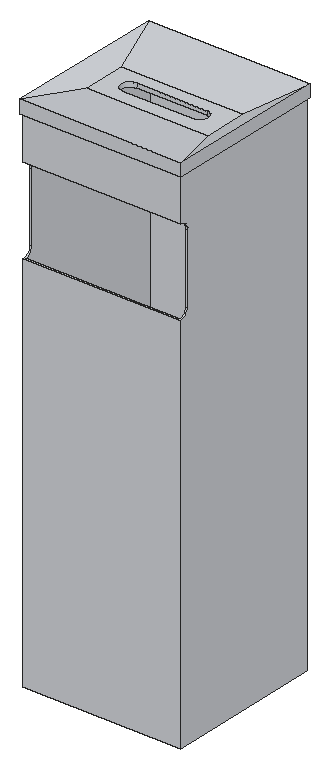
Revit family "Урна УТ180Н", category Антураж, Revit 2017
Family settings
  На основе рабочей плоскости = Нет
  Всегда вертикально = Да
  При загрузке вырезать с полостями = Нет
  Источник визуального образа = Геометрия семейства
  Общий = Нет
  Точка расчета площади = Нет
Parameters (values of type "УТ180Н")
  Стоимость = 1360
  Изготовитель = "ООО «Хоббика»"
  Высота = 0 mm
  URL = "https://hobbyka.ru/product/urna_ut180n/?sphrase_id=81815"
  ADSK_Размер_Ширина = 185 mm
  ADSK_Размер_Длина = ADSK_Размер_Ширина  # 185 mm
  ADSK_Размер_Высота = 605 mm
  ADSK_Объем = 19.00 m³
  ADSK_Наименование = "Урна УТ180Н"
  ADSK_Материал урны = none
  ADSK_Масса = 2.40 kg
  ADSK_Код изделия = "9354"
Reference planes
  plane 1 "По центру (Вперед/Назад)": y = 0
  plane 2: z = 0
  plane 3 "По центру (Влево/Вправо)": x = 0
  plane 4: z = 605
Forms (mm)
  Extrusion 1, solid, material <- "ADSK_Материал урны"
    sketch origin (0, 0, 0) x (1, 0, 0) y (0, 1, 0)
      loop
        line (-90.5, 90.5) -> (-90.5, -90.5) -> (90.5, -90.5) -> (90.5, 90.5) -> (-90.5, 90.5)
      loop
        line (-88.5, 88.5) -> (-88.5, -88.5) -> (88.5, -88.5) -> (88.5, 88.5) -> (-88.5, 88.5)
    from 0 to 590
  Extrusion 2, void
    sketch origin (0, 0, 0) x (0, 1, 0) y (0, 0, 1)
      loop
        arc (-80.5, 530) -> (-83.429, 537.071) -> (-90.5, 540) r 10
        line (-90.5, 540) -> (-90.5, 440)
        arc (-90.5, 440) -> (-83.429, 442.929) -> (-80.5, 450) r 10
        line (-80.5, 450) -> (-80.5, 530)
    from -90.5 to 90.5
  Extrusion 3, solid, material <- "ADSK_Материал урны"
    sketch origin (0, 0, 0) x (1, 0, 0) y (0, 1, 0)
      loop
        line (-92.5, 92.562) -> (-92.5, -92.5) -> (92.562, -92.5) -> (92.562, 92.562) -> (-92.5, 92.562)
    from 590 to 605
  Blend 4, void
    base sketch origin (0, 0, 0) x (1, 0, 0) y (0, 1, 0)
      loop
        line (-70, 25) -> (-70, -25) -> (70, -25) -> (70, 25) -> (-70, 25)
    top sketch origin (0, 0, 0) x (1, 0, 0) y (0, 1, 0)
      loop
        line (-92.5, 92.562) -> (-92.5, -92.5) -> (92.562, -92.5) -> (92.562, 92.562) -> (-92.5, 92.562)
    from 595 to 605
  Extrusion 5, void
    sketch origin (0, 0, 0) x (1, 0, 0) y (0, 1, 0)
      loop
        arc (-40.015, 10) -> (-50.015, 0) -> (-40.015, -10) r 10
        line (-40.015, -10) -> (39.955, -10)
        arc (39.955, -10) -> (49.955, 0) -> (39.955, 10) r 10
        line (39.955, 10) -> (-40.015, 10)
    from 590 to 597.562
  Extrusion 6, solid, material <- "ADSK_Материал урны"
    sketch origin (0, 0, 0) x (1, 0, 0) y (0, 1, 0)
      loop
        line (-90.5, 90.5) -> (-90.5, -90.5) -> (90.5, -90.5) -> (90.5, 90.5) -> (-90.5, 90.5)
    from 0 to 5
Cuts and joins
  Extrusion 2 cuts Extrusion 1
  joined: Extrusion 1, Extrusion 6
  Blend 4, Extrusion 5 cuts Extrusion 3
Dimensions and locks
  plane 4 to plane 2 = 605 mm
  aligned and locked: level to plane 2
  aligned and locked: plane 4 to Extrusion 3
  aligned and locked: Extrusion 3 to cut or joined group of Extrusion 1, Extrusion 2, Extrusion 6
